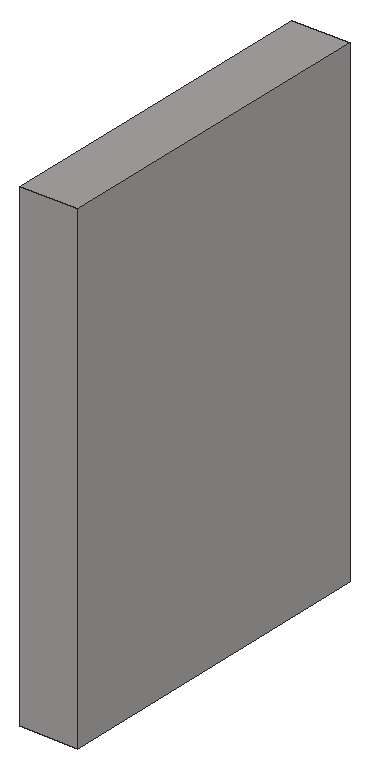
Revit family "HeartFelt-Linear-Endcap Panel1_HunterDouglasEurope", category Specialty Equipment, Revit 2016
Family settings
  Part Type = Normal
  Round Connector Dimension = Use Diameter
  OmniClass Number = 23.35.70.24.11.17.14
  OmniClass Title = Linear Ceilings
  Work Plane-Based = No
  Always vertical = Yes
  Cut with Voids When Loaded = No
  Shared = No
  Room Calculation Point = No
Parameters (values of type "See Type Catalog")
  URL = "http://www.hunterdouglasarchitectural.eu/en-GB/ceilings/textile/heartfelt/index.jsp"
  Thickness = 6.0 mm
  Subcategory = "HeartFelt® Ceilings"  # constant formula
  Product Line = "HeartFelt® Linear"  # constant formula
  Product Data = "http://assets2.hunterdouglascontract.com/documents/ceiling/Brochures/United%20Kingdom/Brochure-Heartfelt-en-UK.pdf"
  Material = HeartFelt-7575-Creme_HunterDouglasEurope
  Height = 51.5 mm
  EN13501-1_Fire rating = "Class B,s1,d0"  # constant formula
  Colour Code = "7575"
  Article Code = "38.4208"
  Model = "HeartFelt EndcapPanel1 40x55"
  Manufacturer = "Hunter Douglas"  # constant formula
Reference planes
  plane 1 "Center (Front/Back)": y = 0
  plane 2: z = 0
  plane 3 "Center (Left/Right)": x = 0
  plane 4 "Endcap Top": z = 52.8
  plane 5 "Endcap Bottom": z = 2.2
  plane 6 "Endcap Front": y = -17.8
  plane 7 "Endcap Back": y = 17.8
  plane 8 "Endcap Left": x = -6
  plane 9: z = 53.7
Forms (mm)
  Extrusion 1, solid, material "HeartFelt-7575-Creme_HunterDouglasEurope" <- "Material"
    sketch origin (0, 0, 0) x (0, 1, 0) y (0, 0, 1)
      loop
        line (-17.8, 2.2) -> (17.8, 2.2) -> (17.8, 52.8) -> (-17.8, 52.8) -> (-17.8, 2.2)
    from -6 to 0
Dimensions and locks
  locked: plane 9 to plane 4 "Endcap Top" at 0.9
  locked: plane 5 "Endcap Bottom" to plane 2 at 2.2
  "Height": plane 9 to plane 5 "Endcap Bottom"
  aligned and locked: level to plane 2
  aligned and locked: plane 7 "Endcap Back" to Extrusion 1
  aligned and locked: Extrusion 1 to plane 6 "Endcap Front"
  aligned and locked: plane 4 "Endcap Top" to Extrusion 1
  aligned and locked: Extrusion 1 to plane 5 "Endcap Bottom"
  aligned and locked: plane 8 "Endcap Left" to Extrusion 1
  aligned and locked: plane 3 "Center (Left/Right)" to Extrusion 1
Automatic sketch dimensions
  Extrusion 1 sketch curve to plane 4 "Endcap Top" = 0.0 mm
  Extrusion 1 sketch curve to plane 6 "Endcap Front" = 0.0 mm
  Extrusion 1 sketch curve to plane 7 "Endcap Back" = 0.0 mm
  Extrusion 1 sketch curve to plane 5 "Endcap Bottom" = 0.0 mm
Types in the file's own list only (36): name | Material | Height | Colour Code | Article Code | Model
  Endcap Panel1_40x55_7575 Creme | HeartFelt-7575-Creme_HunterDouglasEurope | 51.5 mm | "7575" | "38.4208" | "HeartFelt EndcapPanel1 40x55"
  Endcap Panel1_40x55_7576 Light Brown | HeartFelt-7576-Light Brown_HunterDouglasEurope | 51.5 mm | "7576" | "38.4208" | "HeartFelt EndcapPanel1 40x55"
  Endcap Panel1_40x55_7577 Medium Brown | HeartFelt-7577-Medium Brown_HunterDouglasEurope | 51.5 mm | "7577" | "38.4208" | "HeartFelt EndcapPanel1 40x55"
  Endcap Panel1_40x55_7578 Dark Brown | HeartFelt-7578-Dark Brown_HunterDouglasEurope | 51.5 mm | "7578" | "38.4208" | "HeartFelt EndcapPanel1 40x55"
  Endcap Panel1_40x55_7579 Umber | HeartFelt-7579-Umber_HunterDouglasEurope | 51.5 mm | "7579" | "38.4208" | "HeartFelt EndcapPanel1 40x55"
  Endcap Panel1_40x55_7593 White | HeartFelt-7593-White_HunterDouglasEurope | 51.5 mm | "7593" | "38.4208" | "HeartFelt EndcapPanel1 40x55"
  Endcap Panel1_40x55_7594 Black | HeartFelt-7594-Black_HunterDouglasEurope | 51.5 mm | "7594" | "38.4208" | "HeartFelt EndcapPanel1 40x55"
  Endcap Panel1_40x55_7595 Off White | HeartFelt-7595-Off White_HunterDouglasEurope | 51.5 mm | "7595" | "38.4208" | "HeartFelt EndcapPanel1 40x55"
  Endcap Panel1_40x55_7596 Light Grey | HeartFelt-7596-Light Grey_HunterDouglasEurope | 51.5 mm | "7596" | "38.4208" | "HeartFelt EndcapPanel1 40x55"
  Endcap Panel1_40x55_7597 Middle Grey | HeartFelt-7597-Middle Grey_HunterDouglasEurope | 51.5 mm | "7597" | "38.4208" | "HeartFelt EndcapPanel1 40x55"
  Endcap Panel1_40x55_7598 Dark Grey | HeartFelt-7598-Dark Grey_HunterDouglasEurope | 51.5 mm | "7598" | "38.4208" | "HeartFelt EndcapPanel1 40x55"
  Endcap Panel1_40x55_7599 Anthracite | HeartFelt-7599-Anthracite_HunterDouglasEurope | 51.5 mm | "7599" | "38.4208" | "HeartFelt EndcapPanel1 40x55"
  Endcap Panel1_40x80_7575 Creme | HeartFelt-7575-Creme_HunterDouglasEurope | 76.5 mm | "7575" | "38.4209" | "HeartFelt EndcapPanel1 40x80"
  Endcap Panel1_40x80_7576 Light Brown | HeartFelt-7576-Light Brown_HunterDouglasEurope | 76.5 mm | "7576" | "38.4209" | "HeartFelt EndcapPanel1 40x80"
  Endcap Panel1_40x80_7577 Medium Brown | HeartFelt-7577-Medium Brown_HunterDouglasEurope | 76.5 mm | "7577" | "38.4209" | "HeartFelt EndcapPanel1 40x80"
  Endcap Panel1_40x80_7578 Dark Brown | HeartFelt-7578-Dark Brown_HunterDouglasEurope | 76.5 mm | "7578" | "38.4209" | "HeartFelt EndcapPanel1 40x80"
  Endcap Panel1_40x80_7579 Umber | HeartFelt-7579-Umber_HunterDouglasEurope | 76.5 mm | "7579" | "38.4209" | "HeartFelt EndcapPanel1 40x80"
  Endcap Panel1_40x80_7593 White | HeartFelt-7593-White_HunterDouglasEurope | 76.5 mm | "7593" | "38.4209" | "HeartFelt EndcapPanel1 40x80"
  Endcap Panel1_40x80_7594 Black | HeartFelt-7594-Black_HunterDouglasEurope | 76.5 mm | "7594" | "38.4209" | "HeartFelt EndcapPanel1 40x80"
  Endcap Panel1_40x80_7595 Off White | HeartFelt-7595-Off White_HunterDouglasEurope | 76.5 mm | "7595" | "38.4209" | "HeartFelt EndcapPanel1 40x80"
  Endcap Panel1_40x80_7596 Light Grey | HeartFelt-7596-Light Grey_HunterDouglasEurope | 76.5 mm | "7596" | "38.4209" | "HeartFelt EndcapPanel1 40x80"
  Endcap Panel1_40x80_7597 Middle Grey | HeartFelt-7597-Middle Grey_HunterDouglasEurope | 76.5 mm | "7597" | "38.4209" | "HeartFelt EndcapPanel1 40x80"
  Endcap Panel1_40x80_7598 Dark Grey | HeartFelt-7598-Dark Grey_HunterDouglasEurope | 76.5 mm | "7598" | "38.4209" | "HeartFelt EndcapPanel1 40x80"
  Endcap Panel1_40x80_7599 Anthracite | HeartFelt-7599-Anthracite_HunterDouglasEurope | 76.5 mm | "7599" | "38.4209" | "HeartFelt EndcapPanel1 40x80"
  Endcap Panel1_40x105_7575 Creme | HeartFelt-7575-Creme_HunterDouglasEurope | 101.5 mm | "7575" | "38.4210" | "HeartFelt EndcapPanel1 40x105"
  Endcap Panel1_40x105_7576 Light Brown | HeartFelt-7576-Light Brown_HunterDouglasEurope | 101.5 mm | "7576" | "38.4210" | "HeartFelt EndcapPanel1 40x105"
  Endcap Panel1_40x105_7577 Medium Brown | HeartFelt-7577-Medium Brown_HunterDouglasEurope | 101.5 mm | "7577" | "38.4210" | "HeartFelt EndcapPanel1 40x105"
  Endcap Panel1_40x105_7578 Dark Brown | HeartFelt-7578-Dark Brown_HunterDouglasEurope | 101.5 mm | "7578" | "38.4210" | "HeartFelt EndcapPanel1 40x105"
  Endcap Panel1_40x105_7579 Umber | HeartFelt-7579-Umber_HunterDouglasEurope | 101.5 mm | "7579" | "38.4210" | "HeartFelt EndcapPanel1 40x105"
  Endcap Panel1_40x105_7593 White | HeartFelt-7593-White_HunterDouglasEurope | 101.5 mm | "7593" | "38.4210" | "HeartFelt EndcapPanel1 40x105"
  Endcap Panel1_40x105_7594 Black | HeartFelt-7594-Black_HunterDouglasEurope | 101.5 mm | "7594" | "38.4210" | "HeartFelt EndcapPanel1 40x105"
  Endcap Panel1_40x105_7595 Off White | HeartFelt-7595-Off White_HunterDouglasEurope | 101.5 mm | "7595" | "38.4210" | "HeartFelt EndcapPanel1 40x105"
  Endcap Panel1_40x105_7596 Light Grey | HeartFelt-7596-Light Grey_HunterDouglasEurope | 101.5 mm | "7596" | "38.4210" | "HeartFelt EndcapPanel1 40x105"
  Endcap Panel1_40x105_7597 Middle Grey | HeartFelt-7597-Middle Grey_HunterDouglasEurope | 101.5 mm | "7597" | "38.4210" | "HeartFelt EndcapPanel1 40x105"
  Endcap Panel1_40x105_7598 Dark Grey | HeartFelt-7598-Dark Grey_HunterDouglasEurope | 101.5 mm | "7598" | "38.4210" | "HeartFelt EndcapPanel1 40x105"
  Endcap Panel1_40x105_7599 Anthracite | HeartFelt-7599-Anthracite_HunterDouglasEurope | 101.5 mm | "7599" | "38.4210" | "HeartFelt EndcapPanel1 40x105"
